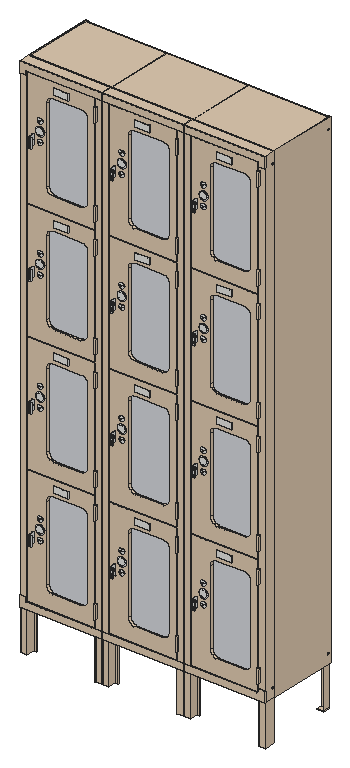
Revit family "Metal_Lockers-Salsbury_Industries-S_64000_Series-3_Wide_Units", category Specialty Equipment, Revit 2016 (continued)
Definition of nested family "Metal Locker Legs - 3 Wide"
  Forms (in)
    Extrusion 7, solid, material <- "Primary Structure Material", visible <- "Visible"
      sketch origin (12, 0, 0) x (0, -1, 0) y (1, 0, 0)
        loop
          line (7.417, -19.50667) -> (9.005, -19.50667) -> (9.005, -18.50667) -> (7.82, -18.50667) -> (7.82, -18.06667) -> (7.76, -18.06667) -> (7.76, -18.56667) -> (8.945, -18.56667) -> (8.945, -19.44667) -> (7.417, -19.44667) -> (7.417, -19.50667)
      from 0 to 6
    Extrusion 8, solid, material <- "Primary Structure Material", visible <- "Visible"
      sketch origin (24.04, 0, 0) x (0, -1, 0) y (1, 0, 0)
        loop
          line (7.417, -16.53333) -> (9.005, -16.53333) -> (9.005, -15.53333) -> (7.82, -15.53333) -> (7.82, -15.09333) -> (7.76, -15.09333) -> (7.76, -15.59333) -> (8.945, -15.59333) -> (8.945, -16.47333) -> (7.417, -16.47333) -> (7.417, -16.53333)
      from 0 to 6
    Extrusion 9, solid, material <- "Primary Structure Material", visible <- "Visible"
      sketch origin (-12, 0, 0) x (0, -1, 0) y (1, 0, 0)
        loop
          line (7.417, 19.50667) -> (7.417, 19.44667) -> (8.945, 19.44667) -> (8.945, 18.56667) -> (7.76, 18.56667) -> (7.76, 18.06667) -> (7.82, 18.06667) -> (7.82, 18.50667) -> (9.005, 18.50667) -> (9.005, 19.50667) -> (7.417, 19.50667)
      from 0 to 6
    Extrusion 10, solid, material <- "Primary Structure Material", visible <- "Visible"
      sketch origin (-24.04, 0, 0) x (0, -1, 0) y (1, 0, 0)
        loop
          line (7.417, 16.53333) -> (7.417, 16.47333) -> (8.945, 16.47333) -> (8.945, 15.59333) -> (7.76, 15.59333) -> (7.76, 15.09333) -> (7.82, 15.09333) -> (7.82, 15.53333) -> (9.005, 15.53333) -> (9.005, 16.53333) -> (7.417, 16.53333)
      from 0 to 6
  Dimensions and locks (in)
    equal spacing: plane 6 "Left Side of Unit", plane 3 "Center (Left/Right)", plane 7 "Right Side of Unit"
    "Width": plane 6 "Left Side of Unit" to plane 7 "Right Side of Unit"
    "Height": plane 5 "Bottom of Unit" to plane 4 "Floor"
    equal spacing: plane 9 "Front of Unit", plane 1 "Center (Front/Back)", plane 8 "Back of Unit"
    "Depth": plane 9 "Front of Unit" to plane 8 "Back of Unit"
    plane 12 "Top of back legs" to plane 5 "Bottom of Unit" = 0.185"
    plane 6 "Left Side of Unit" to plane 11 "Left Side of Door Opening" = 1.000"
    plane 10 "Right Side of Door Opening" to plane 7 "Right Side of Unit" = 1.000"
    locked: plane 9 "Front of Unit" to plane 13 "Back Edge of Front Facing" at 1.588
    plane 11 "Left Side of Door Opening" to plane 14 "Inside Edge of Front Leg" = 0.440"
    plane 15 "Inside Edge of Right Leg" to plane 10 "Right Side of Door Opening" = 0.440"
    plane 9 "Front of Unit" to plane 16 = 1.185"
    plane 15 "Inside Edge of Right Leg" to plane 21 "Inside Edge or Rear Right Leg" to plane 10 "Right Side of Door Opening" to plane 18 "Right Edge of Rear Right Leg" to plane 7 "Right Side of Unit" = 0.320", 0.120", 0.880", 0.120"
    plane 6 "Left Side of Unit" to plane 19 "Left Edge or Rear Left Leg" to plane 11 "Left Side of Door Opening" to plane 22 "Inside Edge or Left Rear Leg" to plane 14 "Inside Edge of Front Leg" = 0.120", 0.880", 0.120", 0.320"
    plane 20 to plane 17 "Back Edge of Rear Legs" to plane 8 "Back of Unit" = 1.000", 0.110"
    equal spacing: plane 6 "Left Side of Unit", plane 24, plane 23, plane 7 "Right Side of Unit"
    aligned and locked: level to plane 2
    aligned and locked: Extrusion 3 to Extrusion 4
    aligned and locked: Extrusion 6 to Extrusion 5
    aligned and locked: Extrusion 3 to plane 18 "Right Edge of Rear Right Leg"
    aligned and locked: Extrusion 3 to plane 17 "Back Edge of Rear Legs"
    aligned and locked: Extrusion 5 to plane 19 "Left Edge or Rear Left Leg"
    aligned and locked: plane 17 "Back Edge of Rear Legs" to Extrusion 5
    aligned and locked: plane 5 "Bottom of Unit" to Extrusion 2
    aligned and locked: Extrusion 1 to plane 5 "Bottom of Unit"
    aligned and locked: Extrusion 3 to plane 12 "Top of back legs"
    aligned and locked: plane 12 "Top of back legs" to Extrusion 5
  Automatic sketch dimensions
    plane 13 "Back Edge of Front Facing" to Extrusion 1 sketch curve = 0.000"
    Extrusion 1 sketch curve to plane 15 "Inside Edge of Right Leg" = 0.000"
    plane 16 to Extrusion 1 sketch curve = 0.000"
    Extrusion 1 sketch curve to plane 7 "Right Side of Unit" = 0.000"
    plane 9 "Front of Unit" to Extrusion 1 sketch curve = 0.000"
    Extrusion 1 sketch curve to plane 10 "Right Side of Door Opening" = 0.000"
    Extrusion 1 sketch curve to plane 16 = 0.060"
    Extrusion 1 sketch curve to plane 9 "Front of Unit" = 0.060"
    Extrusion 1 sketch curve to plane 10 "Right Side of Door Opening" = 0.060"
    plane 7 "Right Side of Unit" to Extrusion 1 sketch curve = 0.060"
    Extrusion 2 sketch curve to plane 13 "Back Edge of Front Facing" = 0.000"
    Extrusion 2 sketch curve to plane 14 "Inside Edge of Front Leg" = 0.000"
    Extrusion 2 sketch curve to plane 16 = 0.000"
    Extrusion 2 sketch curve to plane 6 "Left Side of Unit" = 0.000"
    Extrusion 2 sketch curve to plane 9 "Front of Unit" = 0.000"
    Extrusion 2 sketch curve to plane 11 "Left Side of Door Opening" = 0.000"
    plane 16 to Extrusion 2 sketch curve = 0.060"
    plane 9 "Front of Unit" to Extrusion 2 sketch curve = 0.060"
    Extrusion 2 sketch curve to plane 11 "Left Side of Door Opening" = 0.060"
    plane 6 "Left Side of Unit" to Extrusion 2 sketch curve = 0.060"
    plane 17 "Back Edge of Rear Legs" to Extrusion 3 sketch curve = 0.000"
    Extrusion 3 sketch curve to plane 21 "Inside Edge or Rear Right Leg" = 0.000"
    Extrusion 3 sketch curve to plane 18 "Right Edge of Rear Right Leg" = 0.000"
    plane 20 to Extrusion 3 sketch curve = 0.000"
    plane 17 "Back Edge of Rear Legs" to Extrusion 3 sketch curve = 0.060"
    plane 18 "Right Edge of Rear Right Leg" to Extrusion 3 sketch curve = 0.060"
    plane 17 "Back Edge of Rear Legs" to Extrusion 4 sketch curve = 0.000"
    Extrusion 4 sketch curve to plane 18 "Right Edge of Rear Right Leg" = 0.000"
    plane 20 to Extrusion 4 sketch curve = 0.000"
    Extrusion 4 sketch curve to plane 21 "Inside Edge or Rear Right Leg" = 0.000"
    Extrusion 5 sketch curve to plane 17 "Back Edge of Rear Legs" = 0.000"
    Extrusion 5 sketch curve to plane 22 "Inside Edge or Left Rear Leg" = 0.000"
    Extrusion 5 sketch curve to plane 19 "Left Edge or Rear Left Leg" = 0.000"
    Extrusion 5 sketch curve to plane 20 = 0.000"
    Extrusion 5 sketch curve to plane 17 "Back Edge of Rear Legs" = 0.060"
    Extrusion 5 sketch curve to plane 19 "Left Edge or Rear Left Leg" = 0.060"
    Extrusion 6 sketch curve to plane 17 "Back Edge of Rear Legs" = 0.000"
    Extrusion 6 sketch curve to plane 19 "Left Edge or Rear Left Leg" = 0.000"
    Extrusion 6 sketch curve to plane 20 = 0.000"
    Extrusion 6 sketch curve to plane 22 "Inside Edge or Left Rear Leg" = 0.000"
    plane 13 "Back Edge of Front Facing" to Extrusion 7 sketch curve = 0.000"
    plane 16 to Extrusion 7 sketch curve = 0.000"
    plane 9 "Front of Unit" to Extrusion 7 sketch curve = 0.000"
    Extrusion 7 sketch curve to plane 24 = 0.000"
    plane 16 to Extrusion 7 sketch curve = 0.060"
    plane 9 "Front of Unit" to Extrusion 7 sketch curve = 0.060"
    plane 24 to Extrusion 7 sketch curve = 0.060"
    plane 24 to Extrusion 7 sketch curve = 0.940"
    Extrusion 7 sketch curve to Extrusion 7 sketch curve = 0.060"
    Extrusion 7 sketch curve to Extrusion 7 sketch curve = 0.440"
    plane 13 "Back Edge of Front Facing" to Extrusion 8 sketch curve = 0.000"
    plane 16 to Extrusion 8 sketch curve = 0.000"
    plane 9 "Front of Unit" to Extrusion 8 sketch curve = 0.000"
    Extrusion 8 sketch curve to plane 23 = 0.000"
    plane 16 to Extrusion 8 sketch curve = 0.060"
    plane 9 "Front of Unit" to Extrusion 8 sketch curve = 0.060"
    plane 23 to Extrusion 8 sketch curve = 0.060"
    plane 23 to Extrusion 8 sketch curve = 0.940"
    Extrusion 8 sketch curve to Extrusion 8 sketch curve = 0.060"
    Extrusion 8 sketch curve to Extrusion 8 sketch curve = 0.440"
    plane 13 "Back Edge of Front Facing" to Extrusion 9 sketch curve = 0.000"
    plane 16 to Extrusion 9 sketch curve = 0.000"
    plane 9 "Front of Unit" to Extrusion 9 sketch curve = 0.000"
    Extrusion 9 sketch curve to plane 23 = 0.000"
    Extrusion 9 sketch curve to plane 16 = 0.060"
    Extrusion 9 sketch curve to plane 9 "Front of Unit" = 0.060"
    plane 23 to Extrusion 9 sketch curve = 0.060"
    plane 23 to Extrusion 9 sketch curve = 0.940"
    Extrusion 9 sketch curve to Extrusion 9 sketch curve = 0.060"
    Extrusion 9 sketch curve to Extrusion 9 sketch curve = 0.440"
    plane 13 "Back Edge of Front Facing" to Extrusion 10 sketch curve = 0.000"
    plane 16 to Extrusion 10 sketch curve = 0.000"
    plane 9 "Front of Unit" to Extrusion 10 sketch curve = 0.000"
    Extrusion 10 sketch curve to plane 24 = 0.000"
    Extrusion 10 sketch curve to plane 16 = 0.060"
    Extrusion 10 sketch curve to plane 9 "Front of Unit" = 0.060"
    plane 24 to Extrusion 10 sketch curve = 0.060"
    plane 24 to Extrusion 10 sketch curve = 0.940"
    Extrusion 10 sketch curve to Extrusion 10 sketch curve = 0.060"
    Extrusion 10 sketch curve to Extrusion 10 sketch curve = 0.440"
Definition of nested family "See-Through Metal Locker Doors-12 inch with Latch Hasps"
  Parameters (values of type "Four Tier Door - 6 foot")
    Window Panel = none
    Window Height = 13.000"
    Width = 9.901"
    Visible = yes
    Primary Structure Material = none
    Top of Window Vertical Alignment = 2.180"
    Number Plate Alignment = 0.738"
    Window Width = 6.000"
    Hinge 2 Placement = 14.142"
    Hinge 1 Placement = 1.125"
    Height = 17.360"
    Hasp Plate Rivet Material = none
    Hasp Height = 1.438"
    Depth = 0.350"
  Types (4): name | Window Height | Top of Window Vertical Alignment | Hinge 2 Placement | Height
    Four Tier Door - 6 foot | 13.000" | 2.180" | 14.142" | 17.360"
    Four Tier Door - 5 foot | 10.000" | 2.180" | 11.142" | 14.360"
    Five Tier Door - 5 foot | 7.000" | 2.250" | 8.188" | 11.463"
    Six Tier Door - 6 foot | 7.000" | 2.250" | 8.449" | 11.532"
  Reference planes (in)
    plane 1 "Center (Front/Back)": y = 0
    plane 2 "Bottom of Door": z = 0
    plane 3 "Center (Left/Right)": x = 0
    plane 4 "Center (Top/Bottom)": z = 8.68
    plane 5 "Top of Door": z = 17.36
    plane 6 "Right Side of Door": x = 4.9505
    plane 7 "Left Side of Door": x = -4.9505
    plane 8 "Front of Door": y = -0.175
    plane 9 "Back of Door": y = 0.175
    plane 10 "Top of Number Plate": z = 16.622
    plane 11 "Top of Window Cut Out": z = 15.18
    plane 12 "Bottom of Window Cut Out": z = 2.18
    plane 13 "Top of Hasp Alignment": z = 9.399
    plane 14 "Bottom of Hasp Alignment": z = 7.961
    plane 15 "Left Side of Window Cut Out": x = -2.0495
    plane 16 "Right Side of Window Cut Out": x = 3.9505
    plane 17 "Front of Louvers": y = -0.3625
    plane 18: z = 15.622
    plane 19 "Center Hasp": x = -1.7755
    plane 20 "Top of Hinge 2": z = 3.218
    plane 21 "Top of Hinge 1": z = 16.235
    plane 22 "Left Hasp Hole Align": x = -4.263
    plane 23 "Right Hasp Hole Align": x = -4.013
    plane 24 "Center Hasp Stud Align": z = 10.09841
    plane 25 "Top Hasp Stud Align": z = 11.51682
    plane 26 "Vertical Hasp Stud Align": x = -3.076
    plane 27 "Vertical Center Hasp Align": x = -4.13777
    plane 28 "Center of Window": x = 0.9505
    plane 29: z = 15.18
    plane 30: z = 14.18
    plane 31: z = 2.18
    plane 32: z = 3.18
    plane 33: x = -2.0495
    plane 34: x = -1.0495
    plane 35: x = 2.9505
    plane 36: x = 3.9505
    plane 37 "Left Side of Window": x = -2.2995
    plane 38 "Right Side of Window": x = 4.2005
    plane 39 "Bottom of Window": z = 1.93
    plane 40 "Top of Window": z = 15.43
    plane 41: x = -3.76277
    plane 42: y = -0.9875
    plane 43: x = -4.20027
  Forms (in)
    Extrusion 1, solid, material <- "Primary Structure Material", visible <- "Visible"
      sketch origin (0, 0, 0) x (1, 0, 0) y (0, 0, 1)
        loop
          line (-4.9505, 17.36) -> (-4.9505, 0) -> (4.9505, 0) -> (4.9505, 17.36) -> (-4.9505, 17.36)
        loop
          line (-2.0495, 14.18) -> (-2.0495, 3.18)
          arc (-2.0495, 3.18) -> (-1.75661, 2.47289) -> (-1.0495, 2.18) r 1
          line (-1.0495, 2.18) -> (2.9505, 2.18)
          arc (2.9505, 2.18) -> (3.65761, 2.47289) -> (3.9505, 3.18) r 1
          line (3.9505, 3.18) -> (3.9505, 14.18)
          arc (3.9505, 14.18) -> (3.65761, 14.88711) -> (2.9505, 15.18) r 1
          line (2.9505, 15.18) -> (-1.0495, 15.18)
          arc (-1.0495, 15.18) -> (-1.75661, 14.88711) -> (-2.0495, 14.18) r 1
      from -0.175 to 0.175
    Extrusion 2, solid, material <- "Primary Structure Material", visible <- "Visible", detail levels fine
      sketch origin (0, 0, 16.235) x (0, -1, 0) y (1, 0, 0)
        loop
          line (0.175, 4.9505) -> (0.3, 4.9505)
          arc (0.3, 4.9505) -> (0.425, 5.0755) -> (0.3, 5.2005) r 0.125
          line (0.3, 5.2005) -> (0.175, 5.2005) -> (0.175, 4.9505)
      from 0 to -2
    Extrusion 3, solid, material <- "Primary Structure Material", visible <- "Visible", detail levels fine
      sketch origin (0, 0, 3.218) x (0, -1, 0) y (1, 0, 0)
        loop
          line (0.175, 4.9505) -> (0.3, 4.9505)
          arc (0.3, 4.9505) -> (0.425, 5.0755) -> (0.3, 5.2005) r 0.125
          line (0.3, 5.2005) -> (0.175, 5.2005) -> (0.175, 4.9505)
      from 0 to -2
    Extrusion 4, void
      sketch origin (0, -0.175, 0) x (1, 0, 0) y (0, 0, 1)
        loop
          line (-4.263, 9.399) -> (-4.263, 7.961) -> (-4.013, 7.961) -> (-4.013, 9.399) -> (-4.263, 9.399)
      from -0.9 to 0
    Blend 5, solid, material <- "Hasp Plate Rivet Material", visible <- "Visible", detail levels medium+fine
      base sketch origin (0, -0.175, 0) x (1, 0, 0) y (0, 0, 1)
        loop
          circle (-3.076, 8.68) r 0.375
      top sketch origin (0, -0.175, 0) x (1, 0, 0) y (0, 0, 1)
        loop
          circle (-3.076, 8.68) r 0.09706
      from 0 to 0.03497
    Blend 6, solid, material <- "Hasp Plate Rivet Material", visible <- "Visible", detail levels medium+fine
      base sketch origin (0, -0.175, 2.83682) x (1, 0, 0) y (0, 0, 1)
        loop
          circle (-3.076, 8.68) r 0.375
      top sketch origin (0, -0.175, 2.83682) x (1, 0, 0) y (0, 0, 1)
        loop
          circle (-3.076, 8.68) r 0.09706
      from 0 to 0.03497
    Blend 7, solid, material <- "Hasp Plate Rivet Material", visible <- "Visible", detail levels medium+fine
      base sketch origin (0, -0.175, -0.16841) x (1, 0, 0) y (0, 0, 1)
        loop
          circle (-3.076, 10.26682) r 0.625
      top sketch origin (0, -0.175, -0.16841) x (1, 0, 0) y (0, 0, 1)
        loop
          circle (-3.076, 10.26682) r 0.58088
      from 0 to 0.03497
    Extrusion 8, solid, material <- "Hasp Plate Rivet Material", visible <- "Visible", detail levels medium+fine
      sketch origin (0, 0, 7.961) x (0, -1, 0) y (1, 0, 0)
        loop
          line (-0.175, -4.07527) -> (-0.175, -4.13777) -> (0.925, -4.13777)
          arc (0.925, -4.13777) -> (0.96919, -4.11946) -> (0.9875, -4.07527) r 0.0625
          line (0.9875, -4.07527) -> (0.9875, -3.76277) -> (0.93079, -3.76277) -> (0.93079, -4.0127)
          arc (0.93079, -4.0127) -> (0.91246, -4.05694) -> (0.86822, -4.07527) r 0.06257
          line (0.86822, -4.07527) -> (-0.175, -4.07527)
      from 0 to 1.438
    Extrusion 9, solid, material <- "Hasp Plate Rivet Material", visible <- "Visible", detail levels medium+fine
      sketch origin (0, 0, 7.961) x (0, -1, 0) y (1, 0, 0)
        loop
          line (-0.175, -4.20027) -> (0.9875, -4.20027) -> (0.9875, -4.13777) -> (-0.175, -4.13777) -> (-0.175, -4.20027)
      from 0 to 1.438
    Extrusion 10, void
      sketch origin (-4.013, 0, 0) x (0, 0, -1) y (0, -1, 0)
        loop
          circle (-8.68, 0.54719) r 0.375
      from 0 to 0.25
    Extrusion 11, solid, material <- "Window Panel"
      sketch origin (0, 0.175, 0) x (1, 0, 0) y (0, 0, 1)
        loop
          line (-2.2995, 15.43) -> (-2.2995, 1.93) -> (4.2005, 1.93) -> (4.2005, 15.43) -> (-2.2995, 15.43)
      from 0 to -0.25
    Extrusion 12, solid, material <- "Hasp Plate Rivet Material", detail levels medium+fine
      sketch origin (0, -0.175, 0) x (1, 0, 0) y (0, 0, 1)
        loop
          arc (-1.06847, 16.58622) -> (-1.0946, 16.12349) -> (-1.06847, 15.66075) r 4.11054
          arc (-1.06847, 15.66075) -> (0, 15.622) -> (1.06847, 15.66075) r 14.75
          arc (1.06847, 15.66075) -> (1.0946, 16.12349) -> (1.06847, 16.58622) r 4.11054
          arc (1.06847, 16.58622) -> (0, 16.61467) -> (-1.06847, 16.58622) r 20.07893
      from 0 to 0.03497
  Cuts and joins
    Extrusion 4 cuts Extrusion 1
    Extrusion 10 cuts Extrusion 8
    Extrusion 10 cuts Extrusion 9
  Lines and regions (in)
    symbolic lines
      curve 1: line (-4.9505, 0.175, 17.36) -> (4.9505, 0.175, 17.36)
      curve 2: line (-4.9505, 0.175, 0) -> (-4.9505, 0.175, 17.36)
      curve 3: line (4.9505, 0.175, 0) -> (-4.9505, 0.175, 0)
      curve 4: line (4.9505, 0.175, 17.36) -> (4.9505, 0.175, 0)
      curve 5: line (-1.0495, 0.175, 15.18) -> (2.9505, 0.175, 15.18)
      curve 6: line (3.9505, 0.175, 14.18) -> (3.9505, 0.175, 3.18)
      curve 7: line (2.9505, 0.175, 2.18) -> (-1.0495, 0.175, 2.18)
      curve 8: line (-2.0495, 0.175, 3.18) -> (-2.0495, 0.175, 14.18)
      curve 9: arc (-2.0495, 0.175, 14.18) -> (-1.75661, 0.175, 14.88711) -> (-1.0495, 0.175, 15.18) r 1
      curve 10: arc (3.9505, 0.175, 14.18) -> (3.65761, 0.175, 14.88711) -> (2.9505, 0.175, 15.18) r 1
      curve 11: arc (2.9505, 0.175, 2.18) -> (3.65761, 0.175, 2.47289) -> (3.9505, 0.175, 3.18) r 1
      curve 12: arc (-1.0495, 0.175, 2.18) -> (-1.75661, 0.175, 2.47289) -> (-2.0495, 0.175, 3.18) r 1
      curve 13: circle (-3.076, 0.175, 11.51682) r 0.375 normal (0, -1, 0)
      curve 14: circle (-3.076, 0.175, 8.68) r 0.375 normal (0, -1, 0)
      curve 15: circle (-3.076, 0.175, 10.09841) r 0.625 normal (0, -1, 0)
      curve 16: line (-4.263, 0.175, 9.399) -> (-3.76277, 0.175, 9.399)
      curve 17: line (-4.263, 0.175, 7.961) -> (-4.263, 0.175, 9.399)
      curve 18: line (-3.76277, 0.175, 7.961) -> (-4.263, 0.175, 7.961)
      curve 19: line (-3.76277, 0.175, 9.399) -> (-3.76277, 0.175, 7.961)
      curve 20: line (-4.13777, 0.175, 9.399) -> (-4.13777, 0.175, 7.961)
      curve 21: line (-4.013, -0.9875, 9.399) -> (-4.013, -0.175, 9.399)
      curve 22: line (-4.013, -0.9875, 7.961) -> (-4.013, -0.9875, 9.399)
      curve 23: line (-4.013, -0.175, 7.961) -> (-4.013, -0.9875, 7.961)
      curve 24: line (-4.013, -0.175, 9.399) -> (-4.013, -0.175, 7.961)
      curve 25: circle (-4.013, -0.55258, 8.68) r 0.37238 normal (-1, 0, 0)
      curve 26: line (-4.20027, -0.175, 0) -> (-4.13777, -0.175, 0)
      curve 27: line (-4.20027, -0.9875, 0) -> (-4.20027, -0.175, 0)
      curve 28: line (-4.13777, -0.9875, 0) -> (-4.20027, -0.9875, 0)
      curve 29: line (-4.13777, -0.175, 0) -> (-4.13777, -0.9875, 0)
      curve 30: line (-4.07527, -0.17219, 0) -> (-4.07527, -0.86822, 0)
      curve 31: line (-3.76277, -0.93079, 0) -> (-4.0127, -0.93079, 0)
      curve 32: line (-3.76277, -0.93079, 0) -> (-3.76277, -0.9875, 0)
      curve 33: line (-3.76277, -0.9875, 0) -> (-4.07527, -0.9875, 0)
      curve 34: arc (-4.0127, -0.93079, 0) -> (-4.05694, -0.91246, 0) -> (-4.07527, -0.86822, 0) r 0.06257
      curve 35: arc (-4.07527, -0.9875, 0) -> (-4.11946, -0.96919, 0) -> (-4.13777, -0.925, 0) r 0.0625
  Dimensions and locks (in)
    equal spacing: plane 5 "Top of Door", plane 4 "Center (Top/Bottom)", plane 2 "Bottom of Door"
    "Height": plane 5 "Top of Door" to plane 2 "Bottom of Door"
    equal spacing: plane 8 "Front of Door", plane 1 "Center (Front/Back)", plane 9 "Back of Door"
    "Depth": plane 8 "Front of Door" to plane 9 "Back of Door"
    equal spacing: plane 7 "Left Side of Door", plane 3 "Center (Left/Right)", plane 6 "Right Side of Door"
    "Width": plane 7 "Left Side of Door" to plane 6 "Right Side of Door"
    "Number Plate Alignment": plane 5 "Top of Door" to plane 10 "Top of Number Plate" to plane 18
    "Window Width": plane 15 "Left Side of Window Cut Out" to plane 16 "Right Side of Window Cut Out"
    "Top of Window Vertical Alignment": plane 5 "Top of Door" to plane 11 "Top of Window Cut Out"
    "Window Height": plane 11 "Top of Window Cut Out" to plane 12 "Bottom of Window Cut Out"
    plane 25 "Top Hasp Stud Align" to plane 24 "Center Hasp Stud Align" to plane 13 "Top of Hasp Alignment" to plane 4 "Center (Top/Bottom)" to plane 14 "Bottom of Hasp Alignment" = 1.41841", 0.69941", 0.719", 0.719"
    "Hasp Height": plane 13 "Top of Hasp Alignment" to plane 14 "Bottom of Hasp Alignment"
    locked: plane 17 "Front of Louvers" to plane 8 "Front of Door" at 0.1875
    "Hinge 1 Placement": plane 5 "Top of Door" to plane 21 "Top of Hinge 1"
    "Hinge 2 Placement": plane 5 "Top of Door" to plane 20 "Top of Hinge 2"
    plane 7 "Left Side of Door" to plane 22 "Left Hasp Hole Align" to plane 23 "Right Hasp Hole Align" to plane 26 "Vertical Hasp Stud Align" = 0.6875" locked, 0.250" locked, 0.937" locked
    equal spacing: plane 15 "Left Side of Window Cut Out", plane 28 "Center of Window", plane 16 "Right Side of Window Cut Out"
    locked: plane 16 "Right Side of Window Cut Out" to plane 6 "Right Side of Door" at 1
    plane 32 to plane 31 = 1.000"
    plane 29 to plane 30 = 1.000"
    plane 33 to plane 34 = 1.000"
    plane 35 to plane 36 = 1.000"
    locked: plane 12 "Bottom of Window Cut Out" to plane 39 "Bottom of Window" at 0.25
    locked: plane 37 "Left Side of Window" to plane 15 "Left Side of Window Cut Out" at 0.25
    locked: plane 16 "Right Side of Window Cut Out" to plane 38 "Right Side of Window" at 0.25
    locked: plane 40 "Top of Window" to plane 11 "Top of Window Cut Out" at 0.25
    plane 23 "Right Hasp Hole Align" to plane 41 = 0.25023"
    plane 42 to plane 17 "Front of Louvers" = 0.625"
    aligned and locked: level to plane 2 "Bottom of Door"
    aligned and locked: plane 5 "Top of Door" to Extrusion 1 sketch curve
    aligned and locked: Extrusion 1 sketch curve to plane 7 "Left Side of Door"
    aligned and locked: plane 2 "Bottom of Door" to Extrusion 1 sketch curve
    aligned and locked: plane 6 "Right Side of Door" to Extrusion 1 sketch curve
    aligned and locked: plane 13 "Top of Hasp Alignment" to Extrusion 4 sketch curve
    aligned and locked: Extrusion 4 sketch curve to plane 22 "Left Hasp Hole Align"
    aligned and locked: Extrusion 4 sketch curve to plane 14 "Bottom of Hasp Alignment"
    aligned and locked: plane 23 "Right Hasp Hole Align" to Extrusion 4 sketch curve
    aligned and locked: plane 25 "Top Hasp Stud Align" to Blend 6 sketch curve  (x2)
    aligned and locked: plane 4 "Center (Top/Bottom)" to Blend 5 sketch curve  (x2)
    aligned and locked: plane 24 "Center Hasp Stud Align" to Blend 7 sketch curve  (x2)
    aligned and locked: plane 27 "Vertical Center Hasp Align" to Extrusion 9 sketch curve
    aligned and locked: plane 27 "Vertical Center Hasp Align" to Extrusion 8 sketch curve
    aligned and locked: plane 4 "Center (Top/Bottom)" to Extrusion 10 sketch curve
    aligned and locked: plane 11 "Top of Window Cut Out" to plane 29
    aligned and locked: plane 12 "Bottom of Window Cut Out" to plane 31
    aligned and locked: plane 16 "Right Side of Window Cut Out" to plane 36
    aligned and locked: plane 15 "Left Side of Window Cut Out" to plane 33
    aligned and locked: plane 29 to Extrusion 1 sketch curve  (x2)
    aligned and locked: plane 30 to Extrusion 1 sketch curve  (x2)
    aligned and locked: Extrusion 1 sketch curve to plane 33
    aligned and locked: Extrusion 1 sketch curve to plane 34
    aligned and locked: Extrusion 1 sketch curve to plane 36
    aligned and locked: Extrusion 1 sketch curve to plane 35
    aligned and locked: plane 31 to Extrusion 1 sketch curve  (x2)
    aligned and locked: plane 32 to Extrusion 1 sketch curve  (x2)
    aligned and locked: plane 33 to Extrusion 1 sketch curve
    aligned and locked: plane 34 to Extrusion 1 sketch curve
    aligned and locked: plane 36 to Extrusion 1 sketch curve
    aligned and locked: plane 35 to Extrusion 1 sketch curve
    aligned and locked: plane 8 "Front of Door" to cut or joined group of Extrusion 1, Extrusion 4
    aligned and locked: cut or joined group of Extrusion 1, Extrusion 4 to plane 9 "Back of Door"
    aligned and locked: plane 5 "Top of Door" to curve 1
    aligned and locked: curve 2 to plane 7 "Left Side of Door"
    aligned and locked: plane 6 "Right Side of Door" to curve 4
    aligned and locked: plane 2 "Bottom of Door" to curve 3
    aligned and locked: curve 5 to cut or joined group of Extrusion 1, Extrusion 4
    aligned and locked: curve 6 to cut or joined group of Extrusion 1, Extrusion 4
    aligned and locked: curve 7 to cut or joined group of Extrusion 1, Extrusion 4
    aligned and locked: curve 8 to cut or joined group of Extrusion 1, Extrusion 4
    aligned and locked: plane 13 "Top of Hasp Alignment" to curve 16
    aligned and locked: curve 18 to plane 14 "Bottom of Hasp Alignment"
    aligned and locked: curve 17 to plane 22 "Left Hasp Hole Align"
    aligned and locked: plane 41 to curve 19
    aligned and locked: plane 14 "Bottom of Hasp Alignment" to curve 20
    aligned and locked: plane 13 "Top of Hasp Alignment" to curve 20
    aligned and locked: plane 27 "Vertical Center Hasp Align" to curve 20
    aligned and locked: plane 8 "Front of Door" to curve 24
    aligned and locked: curve 23 to plane 14 "Bottom of Hasp Alignment"
    aligned and locked: plane 13 "Top of Hasp Alignment" to curve 21
    aligned and locked: curve 22 to plane 42
    aligned and locked: plane 27 "Vertical Center Hasp Align" to curve 29
    aligned and locked: curve 27 to plane 43
    aligned and locked: plane 8 "Front of Door" to curve 26
    aligned and locked: curve 30 to cut or joined group of Extrusion 8, Extrusion 10
    aligned and locked: curve 31 to cut or joined group of Extrusion 8, Extrusion 10
    aligned and locked: curve 32 to cut or joined group of Extrusion 8, Extrusion 10
    aligned and locked: curve 33 to cut or joined group of Extrusion 8, Extrusion 10
  Automatic sketch dimensions
    Extrusion 2 sketch curve to plane 6 "Right Side of Door" = 0.000"
    plane 8 "Front of Door" to Extrusion 2 sketch curve = 0.000"
    Extrusion 2 sketch curve to plane 17 "Front of Louvers" = 0.0625"
    Extrusion 2 sketch curve to plane 6 "Right Side of Door" = 0.125"
    Extrusion 3 sketch curve to plane 6 "Right Side of Door" = 0.000"
    plane 8 "Front of Door" to Extrusion 3 sketch curve = 0.000"
    Extrusion 3 sketch curve to plane 17 "Front of Louvers" = 0.0625"
    Extrusion 3 sketch curve to plane 6 "Right Side of Door" = 0.125"
    plane 26 "Vertical Hasp Stud Align" to Blend 5 sketch curve = 0.000"  (x2)
    plane 26 "Vertical Hasp Stud Align" to Blend 6 sketch curve = 0.000"  (x2)
    Extrusion 8 sketch curve to plane 1 "Center (Front/Back)" = 0.175"
    plane 23 "Right Hasp Hole Align" to Extrusion 8 sketch curve = 0.06227"
    Extrusion 8 sketch curve to plane 23 "Right Hasp Hole Align" = 0.0003"
    plane 17 "Front of Louvers" to Extrusion 8 sketch curve = 0.50572"
    Extrusion 8 sketch curve to Extrusion 8 sketch curve = 0.05678"
    Extrusion 8 sketch curve to Extrusion 8 sketch curve = 0.24993"
    plane 9 "Back of Door" to Extrusion 9 sketch curve = 0.000"
    plane 17 "Front of Louvers" to Extrusion 9 sketch curve = 0.625"
    Extrusion 9 sketch curve to plane 22 "Left Hasp Hole Align" = 0.06273"
    Extrusion 8 sketch curve to Extrusion 8 sketch curve = 0.06257"
    plane 17 "Front of Louvers" to Extrusion 10 sketch curve = 0.18469"
    plane 26 "Vertical Hasp Stud Align" to Blend 7 sketch curve = 0.000"  (x2)
    plane 37 "Left Side of Window" to Extrusion 11 sketch curve = 0.000"
    plane 38 "Right Side of Window" to Extrusion 11 sketch curve = 0.000"
    Extrusion 11 sketch curve to plane 39 "Bottom of Window" = 0.000"
    plane 40 "Top of Window" to Extrusion 11 sketch curve = 0.000"
    Extrusion 12 sketch curve to plane 3 "Center (Left/Right)" = 0.000"  (x2)
    Extrusion 12 sketch curve to plane 26 "Vertical Hasp Stud Align" = 0.06006"
    plane 21 "Top of Hinge 1" to Extrusion 12 sketch curve = 0.11151"  (x2)
    plane 16 "Right Side of Window Cut Out" to Extrusion 12 sketch curve = 0.93456"
    Extrusion 12 sketch curve to level = 3.46426"
    Extrusion 12 sketch curve to plane 5 "Top of Door" = 13.012"
    plane 10 "Top of Number Plate" to Extrusion 12 sketch curve = 0.03578"  (x2)
    Extrusion 12 sketch curve to plane 19 "Center Hasp" = 0.70703"
    Extrusion 12 sketch curve to plane 18 = 0.03875"
    curve 13 to plane 25 "Top Hasp Stud Align" = 0.000"
    plane 26 "Vertical Hasp Stud Align" to curve 13 = 0.000"
    curve 14 to plane 4 "Center (Top/Bottom)" = 0.000"
    plane 26 "Vertical Hasp Stud Align" to curve 14 = 0.000"
    curve 15 to plane 24 "Center Hasp Stud Align" = 0.000"
    plane 26 "Vertical Hasp Stud Align" to curve 15 = 0.000"
    curve 7 to plane 19 "Center Hasp" = 0.726"
    curve 5 to plane 19 "Center Hasp" = 0.726"
    plane 16 "Right Side of Window Cut Out" to curve 7 = 1.000"
    plane 16 "Right Side of Window Cut Out" to curve 5 = 1.000"
    plane 4 "Center (Top/Bottom)" to curve 25 = 0.000"
    plane 17 "Front of Louvers" to curve 25 = 0.19008"
    plane 42 to curve 29 = 0.000"
    curve 35 to curve 30 = 0.000"
    curve 34 to plane 23 "Right Hasp Hole Align" = 0.0003"
    curve 30 to plane 8 "Front of Door" = 0.00281"
    radius of Blend 5 sketch curve = 0.375"
    radius of Blend 5 sketch curve = 0.09706"
    radius of Blend 6 sketch curve = 0.375"
    radius of Blend 6 sketch curve = 0.09706"
    radius of Extrusion 10 sketch curve = 0.375"
    radius of Blend 7 sketch curve = 0.625"
    radius of Blend 7 sketch curve = 0.58088"
    radius of curve 13 = 0.375"
    radius of curve 14 = 0.375"
    radius of curve 15 = 0.625"
    radius of curve 25 = 0.37238"
Definition of nested family "Metal Locker Front Base"
  Parameters (values of type "77742 - for 12" W Lockers with Legs")
    Width = 10.040"
    Visible [instance] = yes
    Version = "1.0 (11/30/15)"
    Type Comments = "Front Base for Standard Metal Lockers"
    Primary Structure Material = none
    Model = "77742"
    MasterFormat Title = ""
    MasterFormat Number = ""
    Manufacturer = "Salsbury Industries"
    Description = "Front Base for 12\" Wide Lockers"
    Depth = 1.185"
    Height = 6.000"
    Assembly Code = ""
  Types (3): name | Width | Visible | Model | Description
    77742 - for 12" W Lockers with Legs | 10.040" | yes | "77742" | "Front Base for 12\" Wide Lockers"
    77745 - for 15" W Lockers with Legs | 13.040" | yes | "77745" | "Front Base for 15\" Wide Lockers"
    None | 10.040" | no | "77742" | "Front Base for 12\" Wide Lockers"
  Reference planes (in)
    plane 1 "Center (Front/Back)": y = -5.417
    plane 2: z = 0
    plane 3 "Center (Left/Right)": x = 0
    plane 4 "Floor": z = 0
    plane 5 "Top of Enclosure": z = 6
    plane 6 "Front of Enclosure": y = -6.005
    plane 7 "Right Side of Enclosure": x = 5.02
    plane 8 "Left Side of Enclosure": x = -5.02
    plane 9 "Back of Enclosure": y = -4.82
  Forms (in)
    Extrusion 1, solid, material <- "Primary Structure Material", visible <- "Visible"
      sketch origin (0, -6.005, 0) x (1, 0, 0) y (0, 0, 1)
        loop
          line (-5.02, 6) -> (-5.02, 0) -> (5.02, 0) -> (5.02, 6) -> (-5.02, 6)
      from -0.06 to 0
    Extrusion 2, solid, material <- "Primary Structure Material", visible <- "Visible"
      sketch origin (0, 0, 0) x (0, 1, 0) y (0, 0, 1)
        loop
          line (-5.945, 6) -> (-5.945, 5.94) -> (-4.82, 5.94) -> (-4.82, 6) -> (-5.945, 6)
      from -5.02 to 5.02
    Extrusion 3, solid, material <- "Primary Structure Material", visible <- "Visible"
      sketch origin (5.02, 0, 0) x (0, 0, -1) y (0, -1, 0)
        loop
          line (-5.75, 5.945) -> (-5.75, 4.82) -> (-0.25, 4.82) -> (-0.25, 5.945) -> (-5.75, 5.945)
      from 0 to 0.06
    Extrusion 4, solid, material <- "Primary Structure Material", visible <- "Visible"
      sketch origin (-5.02, 0, 0) x (0, 0, -1) y (0, -1, 0)
        loop
          line (-5.75, 5.945) -> (-5.75, 4.82) -> (-0.25, 4.82) -> (-0.25, 5.945) -> (-5.75, 5.945)
      from 0 to -0.06
  Dimensions and locks (in)
    "Height": plane 5 "Top of Enclosure" to plane 4 "Floor"
    plane 6 "Front of Enclosure" to plane 1 "Center (Front/Back)" = 0.588"
    "Depth": plane 6 "Front of Enclosure" to plane 9 "Back of Enclosure"
    equal spacing: plane 8 "Left Side of Enclosure", plane 3 "Center (Left/Right)", plane 7 "Right Side of Enclosure"
    "Width": plane 8 "Left Side of Enclosure" to plane 7 "Right Side of Enclosure"
    aligned and locked: level to plane 2
    aligned and locked: plane 8 "Left Side of Enclosure" to Extrusion 2
    aligned and locked: Extrusion 2 to plane 7 "Right Side of Enclosure"
    aligned and locked: Extrusion 1 to plane 7 "Right Side of Enclosure"
  Automatic sketch dimensions
    Extrusion 1 sketch curve to Extrusion 1 sketch curve = 10.040"
    Extrusion 1 sketch curve to Extrusion 1 sketch curve = 6.000"
    Extrusion 2 sketch curve to Extrusion 2 sketch curve = 1.125"
    Extrusion 2 sketch curve to Extrusion 2 sketch curve = 0.060"
    Extrusion 3 sketch curve to Extrusion 3 sketch curve = 5.500"
    Extrusion 3 sketch curve to Extrusion 3 sketch curve = 1.125"
    Extrusion 4 sketch curve to Extrusion 4 sketch curve = 5.500"
    Extrusion 4 sketch curve to Extrusion 4 sketch curve = 1.125"
    Extrusion 1 sketch curve to level = 0.000"
    plane 8 "Left Side of Enclosure" to Extrusion 1 sketch curve = 0.000"
    plane 5 "Top of Enclosure" to Extrusion 2 sketch curve = 0.000"
    Extrusion 2 sketch curve to plane 9 "Back of Enclosure" = 0.000"
    Extrusion 3 sketch curve to plane 9 "Back of Enclosure" = 0.000"
    plane 5 "Top of Enclosure" to Extrusion 3 sketch curve = 0.250"
    Extrusion 4 sketch curve to plane 9 "Back of Enclosure" = 0.000"
    plane 5 "Top of Enclosure" to Extrusion 4 sketch curve = 0.250"
Definition of nested family "Metal Locker Right Side Base"
  Parameters (values of type "77732 Right - for 12" D Lockers with Legs")
    Width including Rivet [instance] = 1.290"
    Visible = yes
    Primary Structure Material = none
    Depth = 10.422"
    Version = "1.0 (11/30/15)"
    Type Comments = "End Base for Standard Metal Lockers"
    Model = "77732"
    MasterFormat Title = ""
    MasterFormat Number = ""
    Manufacturer = "Salsbury Industries"
    Description = "1.25\"W x 6\" H x 10\"D"
    Width = 1.250"
    Height = 6.000"
    Assembly Code = ""
  Types (4): name | Visible | Depth | Model | Description
    77732 Right - for 12" D Lockers with Legs | yes | 10.422" | "77732" | "1.25\"W x 6\" H x 10\"D"
    77735 Right - for 15" D Lockers with Legs | yes | 13.422" | "77735" | "1.25\"W x 6\" H x 13\"D"
    77738 Right - for 18" D Lockers with Legs | yes | 16.422" | "77738" | "1.25\"W x 6\" H x 16\"D"
    None | no | 10.422" | "" | ""
  Reference planes (in)
    plane 1 "Center (Front/Back)": y = 0
    plane 2: z = 0
    plane 3 "Center (Left/Right)": x = 5.395
    plane 4 "Floor": z = 0
    plane 5 "Top of Enclosure": z = 6
    plane 6 "Left Side of Unit": x = 4.77
    plane 7 "Right Side of Unit": x = 6.02
    plane 8 "Left Edge of Enclosure": y = -5.211
    plane 9 "Right Edge of Enclosure": y = 5.211
    plane 10 "Left Edge of Insert": y = -6.27647
    plane 11 "Right Edge of Insert": y = -5.15147
    plane 12 "Rivet Edge": x = 6.06
  Forms (in)
    Extrusion 1, solid, material <- "Primary Structure Material", visible <- "Visible"
      sketch origin (6.02, 0, 0) x (0, 0, -1) y (0, -1, 0)
        loop
          line (-6, 5.211) -> (-6, -5.211) -> (0, -5.211) -> (0, 5.211) -> (-6, 5.211)
      from 0 to 0.06
    Extrusion 2, solid, material <- "Primary Structure Material", visible <- "Visible"
      sketch origin (0, 0, 6) x (0, -1, 0) y (1, 0, 0)
        loop
          line (5.15147, 5.96) -> (5.15147, 5.9) -> (6.27647, 5.9) -> (6.27647, 5.96) -> (5.15147, 5.96)
      from -6 to 0
    Extrusion 3, solid, material <- "Primary Structure Material", visible <- "Visible"
      sketch origin (6.02, 0, 0) x (0, 0, -1) y (0, -1, 0)
        loop
          line (-6, 4.90147) -> (-6, -3.961) -> (-5.94, -3.961) -> (-5.94, 4.90147) -> (-6, 4.90147)
      from 0.06 to 1.25
    Extrusion 4, solid, material <- "Primary Structure Material", visible <- "Visible"
      sketch origin (6.02, 0, -5.94) x (0, 0, -1) y (0, -1, 0)
        loop
          line (-6, 4.90147) -> (-6, -3.961) -> (-5.94, -3.961) -> (-5.94, 4.90147) -> (-6, 4.90147)
      from 0.06 to 1.25
  Dimensions and locks (in)
    "Height": plane 5 "Top of Enclosure" to plane 4 "Floor"
    plane 10 "Left Edge of Insert" to plane 8 "Left Edge of Enclosure" to plane 11 "Right Edge of Insert" = 1.06547" locked, 0.05953" locked
    equal spacing: plane 8 "Left Edge of Enclosure", plane 1 "Center (Front/Back)", plane 9 "Right Edge of Enclosure"
    "Depth": plane 8 "Left Edge of Enclosure" to plane 9 "Right Edge of Enclosure"
    equal spacing: plane 6 "Left Side of Unit", plane 3 "Center (Left/Right)", plane 7 "Right Side of Unit"
    "Width": plane 6 "Left Side of Unit" to plane 7 "Right Side of Unit"
    locked: plane 7 "Right Side of Unit" to plane 12 "Rivet Edge" at 0.04
    "Width including Rivet": plane 6 "Left Side of Unit" to plane 12 "Rivet Edge"
    aligned and locked: level to plane 2
    aligned and locked: plane 11 "Right Edge of Insert" to Extrusion 2
    aligned and locked: plane 10 "Left Edge of Insert" to Extrusion 2
    aligned and locked: Extrusion 3 to Extrusion 1
    aligned and locked: plane 6 "Left Side of Unit" to Extrusion 3
  Automatic sketch dimensions
    plane 5 "Top of Enclosure" to Extrusion 1 sketch curve = 0.000"
    Extrusion 1 sketch curve to level = 0.000"
    Extrusion 2 sketch curve to plane 8 "Left Edge of Enclosure" = 0.05953"
    plane 7 "Right Side of Unit" to Extrusion 2 sketch curve = 0.120"
    Extrusion 2 sketch curve to Extrusion 2 sketch curve = 0.060"
    Extrusion 1 sketch curve to plane 8 "Left Edge of Enclosure" = 0.000"
    Extrusion 1 sketch curve to plane 9 "Right Edge of Enclosure" = 0.000"
    plane 10 "Left Edge of Insert" to Extrusion 2 sketch curve = 0.000"
    plane 5 "Top of Enclosure" to Extrusion 3 sketch curve = 0.000"
    Extrusion 3 sketch curve to Extrusion 3 sketch curve = 0.060"
    plane 9 "Right Edge of Enclosure" to Extrusion 3 sketch curve = 1.250"
    Extrusion 3 sketch curve to plane 11 "Right Edge of Insert" = 0.250"
    Extrusion 4 sketch curve to level = 0.000"
    level to Extrusion 4 sketch curve = 0.060"
    plane 9 "Right Edge of Enclosure" to Extrusion 4 sketch curve = 1.250"
    Extrusion 4 sketch curve to plane 11 "Right Edge of Insert" = 0.250"
Definition of nested family "Metal Locker Left Side Base"
  Parameters (values of type "77732 Left - for 12" D Lockers with Legs")
    Width including Rivet [instance] = 1.290"
    Visible = yes
    Primary Structure Material = none
    Depth = 10.422"
    Version = "1.0 (11/30/15)"
    Type Comments = "End Base for Standard Metal Lockers"
    Model = "77732"
    MasterFormat Title = ""
    MasterFormat Number = ""
    Manufacturer = "Salsbury Industries"
    Description = "1.25\"W x 6\" H x 10\"D"
    Width = 1.250"
    Height = 6.000"
    Assembly Code = ""
  Types (4): name | Visible | Depth | Model | Description
    77732 Left - for 12" D Lockers with Legs | yes | 10.422" | "77732" | "1.25\"W x 6\" H x 10\"D"
    77735 Left - for 15" D Lockers with Legs | yes | 13.422" | "77735" | "1.25\"W x 6\" H x 13\"D"
    77738 Left - for 18" D Lockers with Legs | yes | 16.422" | "77738" | "1.25\"W x 6\" H x 16\"D"
    None | no | 10.422" | "" | ""
  Reference planes (in)
    plane 1 "Center (Front/Back)": y = 0
    plane 2: z = 0
    plane 3 "Center (Left/Right)": x = 5.395
    plane 4 "Floor": z = 0
    plane 5 "Top of Enclosure": z = 6
    plane 6 "Left Side of Unit": x = 4.77
    plane 7 "Right Side of Unit": x = 6.02
    plane 8 "Left Edge of Enclosure": y = -5.211
    plane 9 "Right Edge of Enclosure": y = 5.211
    plane 10 "Left Edge of Insert": y = -6.27647
    plane 11 "Right Edge of Insert": y = -5.15147
    plane 12 "Edge of Rivet": x = 4.73
  Forms (in)
    Extrusion 1, solid, material <- "Primary Structure Material", visible <- "Visible"
      sketch origin (6.02, 0, 0) x (0, 0, -1) y (0, -1, 0)
        loop
          line (-6, 4.90147) -> (-6, -3.961) -> (-5.94, -3.961) -> (-5.94, 4.90147) -> (-6, 4.90147)
      from 0 to 1.19
    Extrusion 2, solid, material <- "Primary Structure Material", visible <- "Visible"
      sketch origin (6.02, 0, -5.94) x (0, 0, -1) y (0, -1, 0)
        loop
          line (-6, 4.90147) -> (-6, -3.961) -> (-5.94, -3.961) -> (-5.94, 4.90147) -> (-6, 4.90147)
      from 0 to 1.19
    Extrusion 3, solid, material <- "Primary Structure Material", visible <- "Visible"
      sketch origin (4.77, 0, 0) x (0, 0, -1) y (0, 1, 0)
        loop
          line (-6, -5.211) -> (0, -5.211) -> (0, 5.211) -> (-6, 5.211) -> (-6, -5.211)
      from 0 to 0.06
    Extrusion 4, solid, material <- "Primary Structure Material", visible <- "Visible"
      sketch origin (10.79, 0, 6) x (0, -1, 0) y (1, 0, 0)
        loop
          line (5.15147, -5.96) -> (6.27647, -5.96) -> (6.27647, -5.9) -> (5.15147, -5.9) -> (5.15147, -5.96)
      from -6 to 0
  Dimensions and locks (in)
    "Height": plane 5 "Top of Enclosure" to plane 4 "Floor"
    plane 10 "Left Edge of Insert" to plane 8 "Left Edge of Enclosure" to plane 11 "Right Edge of Insert" = 1.06547" locked, 0.05953" locked
    equal spacing: plane 8 "Left Edge of Enclosure", plane 1 "Center (Front/Back)", plane 9 "Right Edge of Enclosure"
    "Depth": plane 8 "Left Edge of Enclosure" to plane 9 "Right Edge of Enclosure"
    equal spacing: plane 6 "Left Side of Unit", plane 3 "Center (Left/Right)", plane 7 "Right Side of Unit"
    "Width": plane 6 "Left Side of Unit" to plane 7 "Right Side of Unit"
    "Width including Rivet": plane 12 "Edge of Rivet" to plane 7 "Right Side of Unit"
    plane 12 "Edge of Rivet" to plane 6 "Left Side of Unit" = 0.040"
    aligned and locked: level to plane 2
    aligned and locked: Extrusion 1 to Extrusion 3
    aligned and locked: Extrusion 2 to Extrusion 3
  Automatic sketch dimensions
    plane 5 "Top of Enclosure" to Extrusion 1 sketch curve = 0.000"
    Extrusion 1 sketch curve to Extrusion 1 sketch curve = 0.060"
    plane 9 "Right Edge of Enclosure" to Extrusion 1 sketch curve = 1.250"
    Extrusion 1 sketch curve to plane 11 "Right Edge of Insert" = 0.250"
    Extrusion 2 sketch curve to level = 0.000"
    level to Extrusion 2 sketch curve = 0.060"
    plane 9 "Right Edge of Enclosure" to Extrusion 2 sketch curve = 1.250"
    Extrusion 2 sketch curve to plane 11 "Right Edge of Insert" = 0.250"
    plane 5 "Top of Enclosure" to Extrusion 3 sketch curve = 0.000"
    Extrusion 3 sketch curve to level = 0.000"
    Extrusion 3 sketch curve to plane 8 "Left Edge of Enclosure" = 0.000"
    Extrusion 3 sketch curve to plane 9 "Right Edge of Enclosure" = 0.000"
    plane 11 "Right Edge of Insert" to Extrusion 4 sketch curve = 0.000"
    plane 10 "Left Edge of Insert" to Extrusion 4 sketch curve = 0.000"
    plane 6 "Left Side of Unit" to Extrusion 4 sketch curve = 0.120"
    Extrusion 4 sketch curve to Extrusion 4 sketch curve = 0.060"
Definition of nested family "Metal Locker Zee Base - 3 Wide"
  Parameters (values of type "77572- 36" W x 12" D")
    Width = 36.040"
    Visible = yes
    Version = "1.0 (11/30/15)"
    Type Comments = "Zee Base Kit for Standard Metal Lockers - No Legs"
    Primary Structure Material = none
    Model = "77572"
    MasterFormat Title = ""
    MasterFormat Number = ""
    Manufacturer = "Salsbury Industries"
    Description = "4\" H x 6' L - for 12\" Deep Lockers (Includes 6 Foot Front Base, 2 End Bases, Corner Splicer and 4 Rear Legs)"
    Depth = 12.010"
    Height = 4.000"
    Assembly Code = ""
  Types (6): name | Width | Visible | Model | Depth
    77572- 36" W x 12" D | 36.040" | yes | "77572" | 12.010"
    77575 - 36" W x 15" D | 36.040" | yes | "77575" | 15.010"
    77578 - 36"W x 18"D | 36.040" | yes | "77578" | 18.010"
    77575 - 45"W x 15"D | 45.040" | yes | "77575" | 15.010"
    77578 - 45"W x 18"D | 45.040" | yes | "77578" | 18.010"
    None | 36.040" | no | "77572" | 12.010"
  Reference planes (in)
    plane 1 "Center (Front/Back)": y = 0
    plane 2: z = 0
    plane 3 "Center (Left/Right)": x = 0
    plane 4 "Floor": z = 0
    plane 5 "Bottom of Unit": z = 4
    plane 6 "Left Side of Unit": x = -18.02
    plane 7 "Right Side of Unit": x = 18.02
    plane 8 "Back of Unit": y = 6.005
    plane 9 "Front of Unit": y = -6.005
    plane 10 "Right Side of Door Opening": x = 17.02
    plane 11 "Left Side of Door Opening": x = -17.02
    plane 12 "Top of back legs": z = 4.185
    plane 13 "Back Edge of Front Facing": y = -4.417
    plane 14 "Inside Edge of Front Leg": x = -16.58
    plane 15 "Inside Edge of Right Leg": x = 16.58
    plane 16: y = -4.82
    plane 17 "Back Edge of Rear Legs": y = 5.895
    plane 18 "Right Edge of Rear Right Leg": x = 17.9
    plane 19 "Left Edge or Rear Left Leg": x = -17.9
    plane 20: y = 4.895
    plane 21 "Inside Edge or Rear Right Leg": x = 16.9
    plane 22 "Inside Edge or Left Rear Leg": x = -16.9
  Forms (in)
    Extrusion 1, solid, material <- "Primary Structure Material", visible <- "Visible"
      sketch origin (0, 0, 0) x (0, -1, 0) y (1, 0, 0)
        loop
          line (-5.895, 17.9) -> (-5.895, 16.9) -> (-5.835, 16.9) -> (-5.835, 17.84) -> (-4.895, 17.84) -> (-4.895, 17.9) -> (-5.895, 17.9)
      from 0.06 to 4.185
    Extrusion 2, solid, material <- "Primary Structure Material", visible <- "Visible"
      sketch origin (0, 0, 0) x (0, -1, 0) y (1, 0, 0)
        loop
          line (-5.895, 17.9) -> (-5.895, 16.9) -> (-4.895, 16.9) -> (-4.895, 17.9) -> (-5.895, 17.9)
      from 0 to 0.06
    Extrusion 3, solid, material <- "Primary Structure Material", visible <- "Visible"
      sketch origin (0, 0, 0) x (0, -1, 0) y (1, 0, 0)
        loop
          line (-5.895, -17.9) -> (-4.895, -17.9) -> (-4.895, -17.84) -> (-5.835, -17.84) -> (-5.835, -16.9) -> (-5.895, -16.9) -> (-5.895, -17.9)
      from 0.06 to 4.185
    Extrusion 4, solid, material <- "Primary Structure Material", visible <- "Visible"
      sketch origin (0, 0, 0) x (0, -1, 0) y (1, 0, 0)
        loop
          line (-5.895, -17.9) -> (-4.895, -17.9) -> (-4.895, -16.9) -> (-5.895, -16.9) -> (-5.895, -17.9)
      from 0 to 0.06
    Extrusion 5, solid, material <- "Primary Structure Material", visible <- "Visible"
      sketch origin (0, 0, 0) x (0, 1, 0) y (0, 0, 1)
        loop
          line (-6.005, 4) -> (-6.005, 3.94) -> (-4.417, 3.94) -> (-4.417, 0) -> (-2.769, 0) -> (-2.769, 0.06) -> (-4.357, 0.06) -> (-4.357, 4) -> (-6.005, 4)
      from -18.02 to 18.02
  Dimensions and locks (in)
    equal spacing: plane 6 "Left Side of Unit", plane 3 "Center (Left/Right)", plane 7 "Right Side of Unit"
    "Width": plane 6 "Left Side of Unit" to plane 7 "Right Side of Unit"
    "Height": plane 5 "Bottom of Unit" to plane 4 "Floor"
    equal spacing: plane 9 "Front of Unit", plane 1 "Center (Front/Back)", plane 8 "Back of Unit"
    "Depth": plane 9 "Front of Unit" to plane 8 "Back of Unit"
    plane 12 "Top of back legs" to plane 5 "Bottom of Unit" = 0.185"
    plane 6 "Left Side of Unit" to plane 11 "Left Side of Door Opening" = 1.000"
    plane 10 "Right Side of Door Opening" to plane 7 "Right Side of Unit" = 1.000"
    locked: plane 9 "Front of Unit" to plane 13 "Back Edge of Front Facing" at 1.588
    plane 11 "Left Side of Door Opening" to plane 14 "Inside Edge of Front Leg" = 0.440"
    plane 15 "Inside Edge of Right Leg" to plane 10 "Right Side of Door Opening" = 0.440"
    plane 9 "Front of Unit" to plane 16 = 1.185"
    plane 15 "Inside Edge of Right Leg" to plane 21 "Inside Edge or Rear Right Leg" to plane 10 "Right Side of Door Opening" to plane 18 "Right Edge of Rear Right Leg" to plane 7 "Right Side of Unit" = 0.320", 0.120", 0.880", 0.120"
    plane 6 "Left Side of Unit" to plane 19 "Left Edge or Rear Left Leg" to plane 11 "Left Side of Door Opening" to plane 22 "Inside Edge or Left Rear Leg" to plane 14 "Inside Edge of Front Leg" = 0.120", 0.880", 0.120", 0.320"
    plane 20 to plane 17 "Back Edge of Rear Legs" to plane 8 "Back of Unit" = 1.000", 0.110"
    aligned and locked: level to plane 2
    aligned and locked: Extrusion 1 to Extrusion 2
    aligned and locked: Extrusion 4 to Extrusion 3
    aligned and locked: Extrusion 1 to plane 18 "Right Edge of Rear Right Leg"
    aligned and locked: Extrusion 1 to plane 17 "Back Edge of Rear Legs"
    aligned and locked: Extrusion 3 to plane 19 "Left Edge or Rear Left Leg"
    aligned and locked: plane 17 "Back Edge of Rear Legs" to Extrusion 3
    aligned and locked: Extrusion 1 to plane 12 "Top of back legs"
    aligned and locked: plane 12 "Top of back legs" to Extrusion 3
    aligned and locked: Extrusion 5 to plane 7 "Right Side of Unit"
    aligned and locked: plane 6 "Left Side of Unit" to Extrusion 5
  Automatic sketch dimensions
    plane 17 "Back Edge of Rear Legs" to Extrusion 1 sketch curve = 0.000"
    Extrusion 1 sketch curve to plane 21 "Inside Edge or Rear Right Leg" = 0.000"
    Extrusion 1 sketch curve to plane 18 "Right Edge of Rear Right Leg" = 0.000"
    plane 20 to Extrusion 1 sketch curve = 0.000"
    plane 17 "Back Edge of Rear Legs" to Extrusion 1 sketch curve = 0.060"
    plane 18 "Right Edge of Rear Right Leg" to Extrusion 1 sketch curve = 0.060"
    plane 17 "Back Edge of Rear Legs" to Extrusion 2 sketch curve = 0.000"
    Extrusion 2 sketch curve to plane 18 "Right Edge of Rear Right Leg" = 0.000"
    plane 20 to Extrusion 2 sketch curve = 0.000"
    Extrusion 2 sketch curve to plane 21 "Inside Edge or Rear Right Leg" = 0.000"
    plane 17 "Back Edge of Rear Legs" to Extrusion 3 sketch curve = 0.000"
    Extrusion 3 sketch curve to plane 22 "Inside Edge or Left Rear Leg" = 0.000"
    Extrusion 3 sketch curve to plane 19 "Left Edge or Rear Left Leg" = 0.000"
    plane 20 to Extrusion 3 sketch curve = 0.000"
    Extrusion 3 sketch curve to plane 17 "Back Edge of Rear Legs" = 0.060"
    Extrusion 3 sketch curve to plane 19 "Left Edge or Rear Left Leg" = 0.060"
    plane 17 "Back Edge of Rear Legs" to Extrusion 4 sketch curve = 0.000"
    Extrusion 4 sketch curve to plane 19 "Left Edge or Rear Left Leg" = 0.000"
    plane 20 to Extrusion 4 sketch curve = 0.000"
    Extrusion 4 sketch curve to plane 22 "Inside Edge or Left Rear Leg" = 0.000"
    Extrusion 5 sketch curve to plane 9 "Front of Unit" = 0.000"
    Extrusion 5 sketch curve to level = 0.000"
    Extrusion 5 sketch curve to plane 13 "Back Edge of Front Facing" = 0.000"
    plane 5 "Bottom of Unit" to Extrusion 5 sketch curve = 0.000"
    Extrusion 5 sketch curve to plane 13 "Back Edge of Front Facing" = 0.060"
    Extrusion 5 sketch curve to Extrusion 5 sketch curve = 1.588"
    level to Extrusion 5 sketch curve = 0.060"
    plane 5 "Bottom of Unit" to Extrusion 5 sketch curve = 0.060"
Definition of nested family "Metal Locker Zee Base-Right Side"
  Parameters (values of type "77578 Right - 18" D")
    Width including Rivet [instance] = 1.290"
    Visible = yes
    Primary Structure Material = none
    Depth = 16.362"
    Version = "1.0 (11/30/15)"
    Type Comments = "Zee Base Kit for Standard Metal Lockers - No Legs"
    Model = "77578"
    MasterFormat Title = ""
    MasterFormat Number = ""
    Manufacturer = "Salsbury Industries"
    Description = "4\" H x 6' L - for 12\" Deep Lockers (Includes 6 Foot Front Base, 2 End Bases, Corner Splicer and 4 Rear Legs)"
    Width = 4.000"
    Height = 4.000"
    Assembly Code = ""
  Types (4): name | Visible | Depth | Type Comments | Model | Description
    77572 Right - 12" D | yes | 10.362" | "Zee Base Kit for Standard Metal Lockers - No Legs" | "77572" | "4\" H x 6' L - for 12\" Deep Lockers (Includes 6 Foot Front Base, 2 End Bases, Corner Splicer and 4 Rear Legs)"
    77575 Right - 15" D | yes | 13.362" | "Zee Base Kit for Standard Metal Lockers - No Legs" | "77575" | "4\" H x 6' L - for 12\" Deep Lockers (Includes 6 Foot Front Base, 2 End Bases, Corner Splicer and 4 Rear Legs)"
    77578 Right - 18" D | yes | 16.362" | "Zee Base Kit for Standard Metal Lockers - No Legs" | "77578" | "4\" H x 6' L - for 12\" Deep Lockers (Includes 6 Foot Front Base, 2 End Bases, Corner Splicer and 4 Rear Legs)"
    None | no | 10.362" | "End Base for Standard Metal Lockers" | "" | ""
  Reference planes (in)
    plane 1 "Center (Front/Back)": y = 0
    plane 2: z = 0
    plane 3 "Center (Left/Right)": x = 3.99
    plane 4 "Floor": z = 0
    plane 5 "Top of Enclosure": z = 4
    plane 6 "Left Edge of Insert": x = 4.77
    plane 7 "Right Side of Unit": x = 5.99
    plane 8 "Left Edge of Enclosure": y = -8.181
    plane 9 "Right Edge of Enclosure": y = 8.181
    plane 10 "Bottom Edge of Enclosure": z = 0.06
    plane 11 "Left Edge of Base": x = 1.99
  Forms (in)
    Extrusion 1, solid, material <- "Primary Structure Material", visible <- "Visible"
      sketch origin (5.99, 0, 0) x (0, 0, -1) y (0, -1, 0)
        loop
          line (-4, 6.93967) -> (-4, -6.931) -> (-3.94, -6.931) -> (-3.94, 6.93967) -> (-4, 6.93967)
      from 0.06 to 1.22
    Extrusion 2, solid, material <- "Primary Structure Material", visible <- "Visible"
      sketch origin (0, 0, 0) x (0, -1, 0) y (1, 0, 0)
        loop
          line (-8.181, 1.99) -> (-8.121, 1.99) -> (-8.121, 5.93) -> (8.121, 5.93) -> (8.121, 1.99) -> (8.181, 1.99) -> (8.181, 5.99) -> (-8.181, 5.99) -> (-8.181, 1.99)
      from 0.06 to 4
  Dimensions and locks (in)
    "Height": plane 5 "Top of Enclosure" to plane 4 "Floor"
    equal spacing: plane 8 "Left Edge of Enclosure", plane 1 "Center (Front/Back)", plane 9 "Right Edge of Enclosure"
    "Depth": plane 8 "Left Edge of Enclosure" to plane 9 "Right Edge of Enclosure"
    "Width": plane 11 "Left Edge of Base" to plane 7 "Right Side of Unit"
    equal spacing: plane 11 "Left Edge of Base", plane 3 "Center (Left/Right)", plane 7 "Right Side of Unit"
    locked: plane 4 "Floor" to plane 10 "Bottom Edge of Enclosure" at 0.06
    aligned and locked: level to plane 2
    aligned and locked: plane 6 "Left Edge of Insert" to Extrusion 1
    aligned and locked: Extrusion 2 to plane 9 "Right Edge of Enclosure"
    aligned and locked: Extrusion 2 to plane 10 "Bottom Edge of Enclosure"
    aligned and locked: plane 11 "Left Edge of Base" to Extrusion 2
  Automatic sketch dimensions
    plane 5 "Top of Enclosure" to Extrusion 1 sketch curve = 0.000"
    Extrusion 1 sketch curve to Extrusion 1 sketch curve = 0.060"
    plane 9 "Right Edge of Enclosure" to Extrusion 1 sketch curve = 1.250"
    Extrusion 1 sketch curve to plane 8 "Left Edge of Enclosure" = 1.24133"
    Extrusion 2 sketch curve to plane 7 "Right Side of Unit" = 0.000"
    plane 9 "Right Edge of Enclosure" to Extrusion 2 sketch curve = 0.000"
    plane 6 "Left Edge of Insert" to Extrusion 2 sketch curve = 2.780"  (x2)
    Extrusion 2 sketch curve to Extrusion 2 sketch curve = 0.060"
    plane 7 "Right Side of Unit" to Extrusion 2 sketch curve = 0.060"
    Extrusion 2 sketch curve to plane 8 "Left Edge of Enclosure" = 0.060"
    Extrusion 2 sketch curve to plane 8 "Left Edge of Enclosure" = 0.000"
Definition of nested family "Metal Locker Zee Base-Left Side"
  Parameters (values of type "77572 Left - 12" D")
    Width including Rivet [instance] = 1.290"
    Visible = yes
    Primary Structure Material = none
    Depth = 10.362"
    Version = "1.0 (11/30/15)"
    Type Comments = "Zee Base Kit for Standard Metal Lockers - No Legs"
    Model = "77572"
    MasterFormat Title = ""
    MasterFormat Number = ""
    Manufacturer = "Salsbury Industries"
    Description = "4\" H x 6' L - for 12\" Deep Lockers (Includes 6 Foot Front Base, 2 End Bases, Corner Splicer and 4 Rear Legs)"
    Width = 4.000"
    Height = 4.000"
    Assembly Code = ""
  Types (4): name | Visible | Depth | Type Comments | Model | Description
    77572 Left - 12" D | yes | 10.362" | "Zee Base Kit for Standard Metal Lockers - No Legs" | "77572" | "4\" H x 6' L - for 12\" Deep Lockers (Includes 6 Foot Front Base, 2 End Bases, Corner Splicer and 4 Rear Legs)"
    77575 Left - 15" D | yes | 13.362" | "Zee Base Kit for Standard Metal Lockers - No Legs" | "77575" | "4\" H x 6' L - for 12\" Deep Lockers (Includes 6 Foot Front Base, 2 End Bases, Corner Splicer and 4 Rear Legs)"
    77578 Left- 18" D | yes | 16.362" | "Zee Base Kit for Standard Metal Lockers - No Legs" | "77578" | "4\" H x 6' L - for 12\" Deep Lockers (Includes 6 Foot Front Base, 2 End Bases, Corner Splicer and 4 Rear Legs)"
    None | no | 10.362" | "End Base for Standard Metal Lockers" | "" | ""
  Reference planes (in)
    plane 1 "Center (Front/Back)": y = 0
    plane 2: z = 0
    plane 3 "Center (Left/Right)": x = 3.99
    plane 4 "Floor": z = 0
    plane 5 "Top of Enclosure": z = 4
    plane 6 "Right Side of Unit": x = 5.99
    plane 7 "Left Edge of Enclosure": y = -5.181
    plane 8 "Right Edge of Enclosure": y = 5.181
    plane 9 "Bottom Edge of Enclosure": z = 0.06
    plane 10 "Left Edge of Base": x = 1.99
    plane 11 "Right Edge of Inser": x = 3.21
  Forms (in)
    Extrusion 1, solid, material <- "Primary Structure Material", visible <- "Visible"
      sketch origin (7.98, 0, 0) x (0, -1, 0) y (1, 0, 0)
        loop
          line (-5.181, -1.99) -> (-5.181, -5.99) -> (5.181, -5.99) -> (5.181, -1.99) -> (5.121, -1.99) -> (5.121, -5.93) -> (-5.121, -5.93) -> (-5.121, -1.99) -> (-5.181, -1.99)
      from 0.06 to 4
    Extrusion 2, solid, material <- "Primary Structure Material", visible <- "Visible"
      sketch origin (1.99, 0, 0) x (0, 0, -1) y (0, 1, 0)
        loop
          line (-4, -3.93967) -> (-3.94, -3.93967) -> (-3.94, 3.931) -> (-4, 3.931) -> (-4, -3.93967)
      from 0.06 to 1.22
  Dimensions and locks (in)
    "Height": plane 5 "Top of Enclosure" to plane 4 "Floor"
    equal spacing: plane 7 "Left Edge of Enclosure", plane 1 "Center (Front/Back)", plane 8 "Right Edge of Enclosure"
